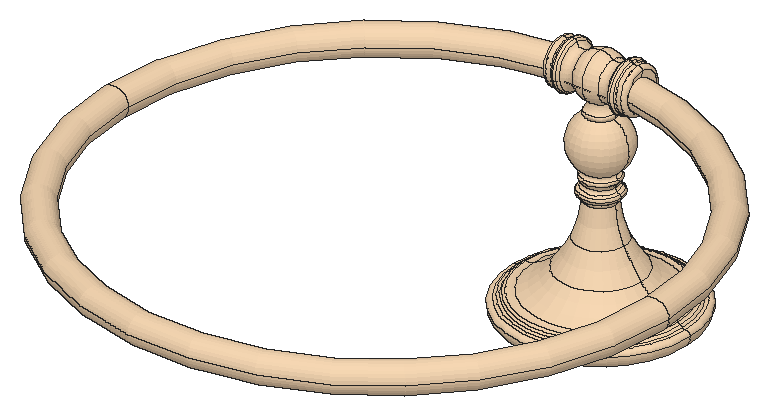
Revit family "Accessory-Towel_Ring-KOHLER-Decorative-K-26526_1", category Specialty Equipment, host Face, Revit 2021
Family settings
  Host = Face
  Round Connector Dimension = Use Diameter
  Part Type = Normal
  OmniClass Number = 23.31.25.25
  OmniClass Title = Towel Bars
  Cut with Voids When Loaded = No
  Shared = No
  Room Calculation Point = No
Parameters (values of type "2MB-Vibrant Brushed Moderne Brass")
  Width = 3 81/256"  # constant formula
  WaterSense Certified = 1 = 0  # no
  URL = "https://www.us.kohler.com/us/"
  Type = 4
  Product Page URL = "http://www.us.kohler.com/us/catalog/productDetails.jsp?productId=26526"
  Product Name = "Decorative"  # constant formula
  Product Documentation Link = "https://www.us.kohler.com/webassets/kpna/catalog/pdf/en/K-26526_spec_US-CA_Kohler_en.pdf"
  Model = if(Type = 1, "K-26526-2BZ", if(Type = 2, "K-26526-BN", if(Type = 3, "K-26526-CP", if(Type = 4, "K-26526-2MB", "NA"))))  # "K-26526-2MB"
  Material = "Premium Metal Construction"  # constant formula
  Master Format 2014 Name = "Toilet, Bath, and Laundry Accessories"  # constant formula
  Master Format 2014 = "10 28 00"  # constant formula
  Manufacturer Address = "444 Highland Dr, Kohler, WI 53044"  # constant formula
  Manufacturer = "Kohler Co."  # constant formula
  Length = 7 221/256"  # constant formula
  Height = 8 117/128"  # constant formula
  Finish = Kohler-Metal-2MB-Vibrant_Brushed_Moderne_Brass
  Environmental Product Declaration = ""
  Description = "Towel ring"  # constant formula
  Default Elevation = 42"
  Declare Label = ""
  Date Modified = "11/23/2022"  # constant formula
  Date Created = "11/23/2022"  # constant formula
  Copyright = "Copyright Kohler Co."  # constant formula
  Contact Us = "https://www.us.kohler.com/us/static/contact.jsp"
  Assembly Code = "C1030200"
  ADA Compliant = 1 = 0  # no
Types (5): name | Type | Model | Finish
  (no name) | 4 | "K-26526-2MB" | Kohler-Metal-2MB-Vibrant_Brushed_Moderne_Brass
  2BZ-Oil Rubbed Bronze | 1 | "K-26526-2BZ" | Kohler-Metal-2BZ-Oil_Rubbed_Bronze
  BN-Vibrant Brushed Nickel | 2 | "K-26526-BN" | Kohler-Metal-BN-Vibrant_Brushed_Nickel
  CP-Polished Chrome | 3 | "K-26526-CP" | Kohler-Metal-CP-Polished_Chrome
  2MB-Vibrant Brushed Moderne Brass | 4 | "K-26526-2MB" | Kohler-Metal-2MB-Vibrant_Brushed_Moderne_Brass
Reference planes (in)
  plane 1 "Center (Front/Back)": y = 0
  plane 2: z = 0
  plane 3 "Center (Left/Right)": x = 0
  plane 4: z = 2.98531
  plane 5: y = -7.67162
  plane 6: y = 1.24244
  plane 7: y = -1.24063
  plane 8: y = -3.73619
  plane 9: x = -3.93222
  plane 10: x = 3.93106
  plane 11: x = -1.23597
  plane 12: x = 1.23597
  plane 13: z = 3.18295
  plane 14: z = 2.78967
  plane 15: z = 3.31641
Dimensions and locks (in)
  "Length": plane 9 to plane 10
  "Height": plane 5 to plane 6
  plane 5 to plane 6 = 8 117/128"
  "Width": plane 15 to level
  aligned and locked: plane 2 to host face
  aligned and locked: level to host face
  aligned and locked: plane 3 "Center (Left/Right)" to nested 1
  aligned and locked: plane 1 "Center (Front/Back)" to nested 1
Automatic sketch dimensions
  host sketch curve to host sketch curve = 96"  (x2)
Nested families (in)
  nested 1: "K-26526" at (0, 0, 0), type "K-26526"
Definition of nested family "K-26526"
  Parameters (values of type "K-26526")
    Material = none
    Default Elevation = 0"
  Reference planes (in)
    plane 1 "Center (Front/Back)": y = 0
    plane 2: z = 0
    plane 3 "Center (Left/Right)": x = 0
    plane 4: y = -7.67162
    plane 5: y = -3.73619
    plane 6: z = 3.31606
    plane 7: y = -16.585
    plane 8: y = 1.24633
    plane 9: z = 2.98531
    plane 10: x = 1.23597
    plane 11: z = 2.98631
    plane 12: x = -3.93304
    plane 13: x = -1.23597
    plane 14: y = -1.23623
    plane 15: x = 3.93304
    plane 16: z = 3.18295
    plane 17: z = 2.78967
  Forms (in)
    Revolve 1, solid, material <- "Material", detail levels medium+fine
      sketch origin (0, 0, 0) x (1, 0, 0) y (0, 0, 1)
        loop
          line (0, 2.73916) -> (-0.15729, 2.73916)
          arc (-0.15729, 2.73916) -> (-0.14623, 2.64874) -> (-0.19132, 2.56958) r 0.14491
          arc (-0.19132, 2.56958) -> (-0.20245, 2.54289) -> (-0.18887, 2.51737) r 0.03378
          arc (-0.18887, 2.51737) -> (-0.39302, 2.19477) -> (-0.23051, 1.84931) r 0.39674
          arc (-0.23051, 1.84931) -> (-0.21296, 1.81141) -> (-0.23591, 1.77652) r 0.04294
          arc (-0.23591, 1.77652) -> (-0.24915, 1.76071) -> (-0.24732, 1.74017) r 0.02694
          arc (-0.24732, 1.74017) -> (-0.22965, 1.7084) -> (-0.21032, 1.67761) r 0.69072
          arc (-0.21032, 1.67761) -> (-0.20635, 1.64461) -> (-0.23051, 1.62179) r 0.03692
          arc (-0.23051, 1.62179) -> (-0.25066, 1.61274) -> (-0.26776, 1.59874) r 0.08394
          arc (-0.26776, 1.59874) -> (-0.27814, 1.58066) -> (-0.27933, 1.55985) r 0.04539
          arc (-0.27933, 1.55985) -> (-0.26383, 1.53296) -> (-0.23467, 1.52232) r 0.04539
          arc (-0.23467, 1.52232) -> (-0.21983, 1.51463) -> (-0.2175, 1.49808) r 0.01821
          arc (-0.2175, 1.49808) -> (-0.21766, 1.47672) -> (-0.20469, 1.45975) r 0.03295
          arc (-0.20469, 1.45975) -> (-0.2449, 1.21889) -> (-0.32485, 0.98816) r 1.45419
          arc (-0.32485, 0.98816) -> (-0.4264, 0.79661) -> (-0.55365, 0.62108) r 1.55245
          arc (-0.55365, 0.62108) -> (-0.726, 0.45862) -> (-0.93149, 0.34084) r 1.0081
          arc (-0.93149, 0.34084) -> (-0.9831, 0.32519) -> (-1.03687, 0.32098) r 0.24971
          arc (-1.03687, 0.32098) -> (-1.05621, 0.31532) -> (-1.06852, 0.29936) r 0.03256
          arc (-1.06852, 0.29936) -> (-1.07865, 0.28503) -> (-1.09477, 0.27808) r 0.03245
          arc (-1.09477, 0.27808) -> (-1.11487, 0.27063) -> (-1.12985, 0.2553) r 0.04887
          arc (-1.12985, 0.2553) -> (-1.14489, 0.24194) -> (-1.16479, 0.23908) r 0.03495
          arc (-1.16479, 0.23908) -> (-1.21448, 0.22472) -> (-1.23597, 0.17767) r 0.06197
          arc (-1.23597, 0.17767) -> (-1.18371, 0.05209) -> (-1.05802, 0.0001) r 0.17795
          line (-1.05802, 0.0001) -> (0, 0.0001) -> (0, 2.73916)
        axis (0, 2.73916) -> (0, 0.0001)
      angle from 0 to 360
    Revolve 2, solid, material <- "Material"
      sketch origin (0, 0, 0) x (1, 0, 0) y (0, 0, 1)
        loop
          line (0.45229, 2.68246) -> (0.52077, 2.68246)
          arc (0.52077, 2.68246) -> (0.55899, 2.6983) -> (0.57482, 2.73652) r 0.05405
          line (0.57482, 2.73652) -> (0.57482, 2.98531) -> (-0.57482, 2.98531) -> (-0.57482, 2.73652)
          arc (-0.57482, 2.73652) -> (-0.55899, 2.6983) -> (-0.52077, 2.68246) r 0.05405
          line (-0.52077, 2.68246) -> (-0.45229, 2.68246)
          arc (-0.45229, 2.68246) -> (-0.43617, 2.67882) -> (-0.42319, 2.6686) r 0.03748
          arc (-0.42319, 2.6686) -> (-0.41087, 2.65906) -> (-0.39559, 2.65597) r 0.03421
          arc (-0.39559, 2.65597) -> (-0.37834, 2.65796) -> (-0.36166, 2.66282) r 0.10278
          arc (-0.36166, 2.66282) -> (-0.34753, 2.6716) -> (-0.33758, 2.68494) r 0.04471
          arc (-0.33758, 2.68494) -> (-0.26884, 2.74149) -> (-0.1811, 2.72649) r 0.10703
          arc (-0.1811, 2.72649) -> (-0.09476, 2.6848) -> (0, 2.67015) r 0.32454
          arc (0, 2.67015) -> (0.09277, 2.68362) -> (0.17747, 2.72378) r 0.31516
          arc (0.17747, 2.72378) -> (0.26683, 2.73944) -> (0.33829, 2.68355) r 0.1116
          arc (0.33829, 2.68355) -> (0.34811, 2.67108) -> (0.36166, 2.66282) r 0.04471
          arc (0.36166, 2.66282) -> (0.37834, 2.65796) -> (0.39559, 2.65597) r 0.10278
          arc (0.39559, 2.65597) -> (0.41087, 2.65906) -> (0.42319, 2.6686) r 0.03421
          arc (0.42319, 2.6686) -> (0.43617, 2.67882) -> (0.45229, 2.68246) r 0.03748
        axis (0.57482, 2.98531) -> (-0.57482, 2.98531)
      angle from 0 to 360
    Sweep 3, solid, material <- "Material", detail levels medium+fine
      path origin (0, 0, 0) x (1, 0, 0) y (0, 1, 0)
        loop
          circle (0, -3.73619) r 3.74014
      profile origin (0, 0.00396, 0) x (0, -1, 0) y (0, 0, 1)
        loop
          circle (0.00396, 2.98631) r 0.19685
    Revolve 4, solid, material <- "Material", detail levels coarse
      sketch origin (0, 0, 0) x (1, 0, 0) y (0, 0, 1)
        loop
          line (-0.39603, 1.0918) -> (-1.23597, 1.0918) -> (-1.23597, 0) -> (0, 0) -> (0, 2.86345) -> (-0.39603, 2.86345) -> (-0.39603, 1.0918)
        axis (0, 2.86345) -> (0, 0)
      angle from 0 to 360
    Revolve 5, solid, material <- "Material", detail levels coarse
      sketch origin (0, 0, 0) x (1, 0, 0) y (0, 0, 1)
        loop
          line (0, 3.41223) -> (-0.69076, 3.41223) -> (-0.69076, 2.59261) -> (0, 2.59261) -> (0, 3.41223)
        axis (0, 3.41223) -> (0, 2.59261)
      angle from 0 to 360
    Sweep 6, solid, material <- "Material", detail levels coarse
      path origin (0, 0, 0) x (1, 0, 0) y (0, 1, 0)
        loop
          circle (0, -3.73619) r 3.74061
      profile origin (0, 0.00443, 0) x (0, -1, 0) y (0, 0, 1)
        loop
          circle (0.00443, 2.98967) r 0.31496
  Lines and regions (in)
    Masking region 1
      outline origin (0, 0, 0) x (1, 0, 0) y (0, 0, 1)
        loop
          arc (1.05514, 0) -> (1.12825, 0.02069) -> (1.18864, 0.06681) r 0.20308
          arc (1.18864, 0.06681) -> (1.2125, 0.09949) -> (1.22941, 0.13626) r 0.20308
          arc (1.22941, 0.13626) -> (1.23449, 0.15668) -> (1.23597, 0.17767) r 0.12099
          arc (1.23597, 0.17767) -> (1.23088, 0.20164) -> (1.21717, 0.22195) r 0.06413
          arc (1.21717, 0.22195) -> (1.20231, 0.23285) -> (1.18487, 0.23881) r 0.06088
          arc (1.18487, 0.23881) -> (1.15894, 0.23974) -> (1.13487, 0.24944) r 0.07516
          arc (1.13487, 0.24944) -> (1.11779, 0.26852) -> (1.09312, 0.2754) r 0.04568
          arc (1.09312, 0.2754) -> (1.07516, 0.28898) -> (1.06617, 0.30963) r 0.0444
          arc (1.06617, 0.30963) -> (1.05123, 0.3194) -> (1.03344, 0.3209) r 0.03646
          arc (1.03344, 0.3209) -> (0.93617, 0.33939) -> (0.84519, 0.37845) r 0.4556
          arc (0.84519, 0.37845) -> (0.72741, 0.45155) -> (0.62468, 0.54461) r 0.76868
          arc (0.62468, 0.54461) -> (0.51142, 0.67256) -> (0.41467, 0.81341) r 1.39239
          arc (0.41467, 0.81341) -> (0.34507, 0.9417) -> (0.28683, 1.07554) r 1.68517
          arc (0.28683, 1.07554) -> (0.23163, 1.26133) -> (0.20609, 1.45346) r 1.23827
          arc (0.20609, 1.45346) -> (0.21798, 1.48054) -> (0.2171, 1.5101) r 0.0673
          arc (0.2171, 1.5101) -> (0.24919, 1.52535) -> (0.2745, 1.55029) r 0.10672
          arc (0.2745, 1.55029) -> (0.27638, 1.58751) -> (0.24318, 1.60443) r 0.03427
          arc (0.24318, 1.60443) -> (0.23437, 1.61997) -> (0.21675, 1.62294) r 0.0208
          arc (0.21675, 1.62294) -> (0.2035, 1.64924) -> (0.21123, 1.67766) r 0.04111
          arc (0.21123, 1.67766) -> (0.23098, 1.70794) -> (0.24732, 1.74017) r 0.33296
          arc (0.24732, 1.74017) -> (0.25221, 1.76106) -> (0.23504, 1.77392) r 0.0196
          arc (0.23504, 1.77392) -> (0.21738, 1.79633) -> (0.21254, 1.82444) r 0.058
          arc (0.21254, 1.82444) -> (0.39614, 2.1774) -> (0.18961, 2.51745) r 0.40551
          arc (0.18961, 2.51745) -> (0.20186, 2.5513) -> (0.1769, 2.57725) r 0.03408
          arc (0.1769, 2.57725) -> (0.15615, 2.62396) -> (0.15076, 2.67479) r 0.16429
          arc (0.15076, 2.67479) -> (0.17628, 2.72654) -> (0.23144, 2.74345) r 0.07278
          arc (0.23144, 2.74345) -> (0.25949, 2.74057) -> (0.28629, 2.73178) r 0.13163
          arc (0.28629, 2.73178) -> (0.31882, 2.71687) -> (0.33705, 2.68608) r 0.05995
          arc (0.33705, 2.68608) -> (0.35189, 2.66903) -> (0.37203, 2.65875) r 0.05948
          arc (0.37203, 2.65875) -> (0.38879, 2.65585) -> (0.40571, 2.65752) r 0.06321
          arc (0.40571, 2.65752) -> (0.42122, 2.66614) -> (0.42817, 2.68246) r 0.02735
          line (0.42817, 2.68246) -> (0.5262, 2.68246)
          arc (0.5262, 2.68246) -> (0.55645, 2.69905) -> (0.57487, 2.72822) r 0.06889
          line (0.57487, 2.72822) -> (0.57487, 2.78967) -> (3.73635, 2.78967)
          arc (3.73635, 2.78967) -> (3.93299, 2.98631) -> (3.73635, 3.18295) r 0.19664
          line (3.73635, 3.18295) -> (0.57435, 3.18295) -> (0.57435, 3.24261)
          arc (0.57435, 3.24261) -> (0.56469, 3.26515) -> (0.54681, 3.28194) r 0.05992
          arc (0.54681, 3.28194) -> (0.52036, 3.28963) -> (0.49281, 3.28953) r 0.09653
          line (0.49281, 3.28953) -> (0.42817, 3.28953)
          arc (0.42817, 3.28953) -> (0.42005, 3.30615) -> (0.40443, 3.31606) r 0.03397
          arc (0.40443, 3.31606) -> (0.37654, 3.31389) -> (0.35077, 3.30301) r 0.08724
          arc (0.35077, 3.30301) -> (0.33833, 3.29075) -> (0.3322, 3.2744) r 0.04054
          arc (0.3322, 3.2744) -> (0.30585, 3.24895) -> (0.27142, 3.23642) r 0.08803
          arc (0.27142, 3.23642) -> (0.22648, 3.22713) -> (0.18327, 3.24259) r 0.0849
          arc (0.18327, 3.24259) -> (0.09618, 3.28595) -> (0, 3.30064) r 0.31477
          arc (0, 3.30064) -> (-0.09618, 3.28595) -> (-0.18327, 3.24259) r 0.31477
          arc (-0.18327, 3.24259) -> (-0.22648, 3.22713) -> (-0.27142, 3.23642) r 0.0849
          arc (-0.27142, 3.23642) -> (-0.30585, 3.24895) -> (-0.3322, 3.2744) r 0.08803
          arc (-0.3322, 3.2744) -> (-0.33833, 3.29075) -> (-0.35077, 3.30301) r 0.04054
          arc (-0.35077, 3.30301) -> (-0.37654, 3.31389) -> (-0.40443, 3.31606) r 0.08724
          arc (-0.40443, 3.31606) -> (-0.42005, 3.30615) -> (-0.42817, 3.28953) r 0.03397
          line (-0.42817, 3.28953) -> (-0.49281, 3.28953)
          arc (-0.49281, 3.28953) -> (-0.52036, 3.28963) -> (-0.54681, 3.28194) r 0.09653
          arc (-0.54681, 3.28194) -> (-0.56469, 3.26515) -> (-0.57435, 3.24261) r 0.05992
          line (-0.57435, 3.24261) -> (-0.57435, 3.18295) -> (-3.73635, 3.18295)
          arc (-3.73635, 3.18295) -> (-3.93299, 2.98631) -> (-3.73635, 2.78967) r 0.19664
          line (-3.73635, 2.78967) -> (-0.57487, 2.78967) -> (-0.57487, 2.72822)
          arc (-0.57487, 2.72822) -> (-0.54266, 2.68899) -> (-0.49233, 2.68246) r 0.06889
          line (-0.49233, 2.68246) -> (-0.42817, 2.68246)
          arc (-0.42817, 2.68246) -> (-0.42122, 2.66614) -> (-0.40571, 2.65752) r 0.02735
          arc (-0.40571, 2.65752) -> (-0.38879, 2.65585) -> (-0.37203, 2.65875) r 0.06321
          arc (-0.37203, 2.65875) -> (-0.34541, 2.67491) -> (-0.33061, 2.70231) r 0.05948
          arc (-0.33061, 2.70231) -> (-0.3119, 2.72224) -> (-0.28629, 2.73178) r 0.05995
          arc (-0.28629, 2.73178) -> (-0.24128, 2.74313) -> (-0.19513, 2.73816) r 0.13163
          arc (-0.19513, 2.73816) -> (-0.16383, 2.71286) -> (-0.15076, 2.67479) r 0.07278
          arc (-0.15076, 2.67479) -> (-0.15615, 2.62396) -> (-0.1769, 2.57725) r 0.16429
          arc (-0.1769, 2.57725) -> (-0.20186, 2.5513) -> (-0.18961, 2.51745) r 0.03408
          arc (-0.18961, 2.51745) -> (-0.39614, 2.1774) -> (-0.21254, 1.82444) r 0.40551
          arc (-0.21254, 1.82444) -> (-0.21738, 1.79633) -> (-0.23504, 1.77392) r 0.058
          arc (-0.23504, 1.77392) -> (-0.24796, 1.75951) -> (-0.24732, 1.74017) r 0.02596
          arc (-0.24732, 1.74017) -> (-0.23098, 1.70794) -> (-0.21123, 1.67766) r 0.33296
          arc (-0.21123, 1.67766) -> (-0.2035, 1.64924) -> (-0.21675, 1.62294) r 0.04111
          arc (-0.21675, 1.62294) -> (-0.23437, 1.61997) -> (-0.24318, 1.60443) r 0.0208
          arc (-0.24318, 1.60443) -> (-0.27638, 1.58751) -> (-0.2745, 1.55029) r 0.03427
          arc (-0.2745, 1.55029) -> (-0.24919, 1.52535) -> (-0.2171, 1.5101) r 0.10672
          arc (-0.2171, 1.5101) -> (-0.21798, 1.48054) -> (-0.20609, 1.45346) r 0.0673
          arc (-0.20609, 1.45346) -> (-0.23163, 1.26133) -> (-0.28683, 1.07554) r 1.23827
          arc (-0.28683, 1.07554) -> (-0.34507, 0.9417) -> (-0.41467, 0.81341) r 1.68517
          arc (-0.41467, 0.81341) -> (-0.51142, 0.67256) -> (-0.62468, 0.54461) r 1.39239
          arc (-0.62468, 0.54461) -> (-0.72741, 0.45155) -> (-0.84519, 0.37845) r 0.76868
          arc (-0.84519, 0.37845) -> (-0.93617, 0.33939) -> (-1.03344, 0.3209) r 0.4556
          arc (-1.03344, 0.3209) -> (-1.05123, 0.3194) -> (-1.06617, 0.30963) r 0.03646
          arc (-1.06617, 0.30963) -> (-1.07516, 0.28898) -> (-1.09312, 0.2754) r 0.0444
          arc (-1.09312, 0.2754) -> (-1.11779, 0.26852) -> (-1.13487, 0.24944) r 0.04568
          arc (-1.13487, 0.24944) -> (-1.15894, 0.23974) -> (-1.18487, 0.23881) r 0.07516
          arc (-1.18487, 0.23881) -> (-1.20231, 0.23285) -> (-1.21717, 0.22195) r 0.06088
          arc (-1.21717, 0.22195) -> (-1.23088, 0.20164) -> (-1.23597, 0.17767) r 0.06413
          arc (-1.23597, 0.17767) -> (-1.23449, 0.15668) -> (-1.22941, 0.13626) r 0.12099
          arc (-1.22941, 0.13626) -> (-1.21119, 0.0973) -> (-1.18518, 0.06304) r 0.20308
          arc (-1.18518, 0.06304) -> (-1.12596, 0.01956) -> (-1.05514, 0) r 0.20308
          line (-1.05514, 0) -> (1.05514, 0)
    Masking region 2
      outline origin (0, 0, 0) x (1, 0, 0) y (0, 1, 0)
        loop
          arc (-1.23898, 0.00149) -> (-3.88533, -4.3624) -> (0, -7.67162) r 3.93676
          arc (0, -7.67162) -> (3.88723, -4.36253) -> (1.23874, 0.00166) r 3.93645
          arc (1.23874, 0.00166) -> (-0.00021, 1.24653) -> (-1.23898, 0.00149) r 1.23888
        loop
          arc (-1.17664, -0.39576) -> (0.00224, -7.27616) -> (1.17665, -0.395) r 3.541
          arc (1.17665, -0.395) -> (0.00028, -1.24653) -> (-1.17664, -0.39576) r 1.23888
    Masking region 3
      outline origin (0, 0, 0) x (0, 1, 0) y (0, 0, 1)
        loop
          line (-7.4723, 2.78967) -> (-0.26473, 2.78967)
          arc (-0.26473, 2.78967) -> (-0.21077, 2.73269) -> (-0.14487, 2.69007) r 0.3298
          arc (-0.14487, 2.69007) -> (-0.15611, 2.61874) -> (-0.20254, 2.56342) r 0.1349
          arc (-0.20254, 2.56342) -> (-0.21198, 2.53506) -> (-0.18727, 2.51825) r 0.02477
          arc (-0.18727, 2.51825) -> (-0.39221, 2.19505) -> (-0.22841, 1.84919) r 0.39643
          arc (-0.22841, 1.84919) -> (-0.2115, 1.81542) -> (-0.22961, 1.78228) r 0.04073
          arc (-0.22961, 1.78228) -> (-0.24589, 1.75876) -> (-0.2417, 1.73047) r 0.0389
          line (-0.2417, 1.73047) -> (-0.211, 1.6773)
          arc (-0.211, 1.6773) -> (-0.20966, 1.63923) -> (-0.24044, 1.61679) r 0.04061
          arc (-0.24044, 1.61679) -> (-0.25943, 1.60896) -> (-0.27233, 1.59298) r 0.0415
          arc (-0.27233, 1.59298) -> (-0.27757, 1.57726) -> (-0.27934, 1.56078) r 0.07737
          arc (-0.27934, 1.56078) -> (-0.26733, 1.53342) -> (-0.23906, 1.52376) r 0.03715
          arc (-0.23906, 1.52376) -> (-0.22201, 1.51659) -> (-0.21821, 1.49849) r 0.01991
          arc (-0.21821, 1.49849) -> (-0.21757, 1.47698) -> (-0.20469, 1.45975) r 0.03573
          arc (-0.20469, 1.45975) -> (-0.39604, 0.83972) -> (-0.85366, 0.37968) r 1.35541
          arc (-0.85366, 0.37968) -> (-0.94598, 0.3379) -> (-1.04563, 0.31953) r 0.41864
          arc (-1.04563, 0.31953) -> (-1.05897, 0.31208) -> (-1.06771, 0.29955) r 0.03404
          arc (-1.06771, 0.29955) -> (-1.07831, 0.28544) -> (-1.09454, 0.2785) r 0.03415
          arc (-1.09454, 0.2785) -> (-1.11581, 0.27071) -> (-1.1321, 0.25497) r 0.05471
          arc (-1.1321, 0.25497) -> (-1.15021, 0.24037) -> (-1.17338, 0.23846) r 0.03959
          arc (-1.17338, 0.23846) -> (-1.19743, 0.23765) -> (-1.21818, 0.22546) r 0.04882
          arc (-1.21818, 0.22546) -> (-1.23318, 0.20164) -> (-1.23613, 0.17365) r 0.06214
          arc (-1.23613, 0.17365) -> (-1.2321, 0.14775) -> (-1.2265, 0.12216) r 0.42701
          arc (-1.2265, 0.12216) -> (-1.16917, 0.03415) -> (-1.06984, 0) r 0.16153
          line (-1.06984, 0) -> (-0.02213, 0) -> (1.06984, 0)
          arc (1.06984, 0) -> (1.16917, 0.03415) -> (1.2265, 0.12216) r 0.16153
          arc (1.2265, 0.12216) -> (1.2321, 0.14775) -> (1.23613, 0.17365) r 0.42701
          arc (1.23613, 0.17365) -> (1.23318, 0.20164) -> (1.21818, 0.22546) r 0.06214
          arc (1.21818, 0.22546) -> (1.19743, 0.23765) -> (1.17338, 0.23846) r 0.04882
          arc (1.17338, 0.23846) -> (1.15021, 0.24037) -> (1.1321, 0.25497) r 0.03959
          arc (1.1321, 0.25497) -> (1.11581, 0.27071) -> (1.09454, 0.2785) r 0.05471
          arc (1.09454, 0.2785) -> (1.07831, 0.28544) -> (1.06771, 0.29955) r 0.03415
          arc (1.06771, 0.29955) -> (1.05897, 0.31208) -> (1.04563, 0.31953) r 0.03404
          arc (1.04563, 0.31953) -> (0.94598, 0.3379) -> (0.85366, 0.37968) r 0.41864
          arc (0.85366, 0.37968) -> (0.39604, 0.83972) -> (0.20469, 1.45975) r 1.35541
          arc (0.20469, 1.45975) -> (0.21757, 1.47698) -> (0.21821, 1.49849) r 0.03573
          arc (0.21821, 1.49849) -> (0.22201, 1.51659) -> (0.23906, 1.52376) r 0.01991
          arc (0.23906, 1.52376) -> (0.26733, 1.53342) -> (0.27934, 1.56078) r 0.03715
          arc (0.27934, 1.56078) -> (0.27757, 1.57726) -> (0.27233, 1.59298) r 0.07737
          arc (0.27233, 1.59298) -> (0.25943, 1.60896) -> (0.24044, 1.61679) r 0.0415
          arc (0.24044, 1.61679) -> (0.20966, 1.63923) -> (0.211, 1.6773) r 0.04061
          line (0.211, 1.6773) -> (0.2417, 1.73047)
          arc (0.2417, 1.73047) -> (0.24589, 1.75876) -> (0.22961, 1.78228) r 0.0389
          arc (0.22961, 1.78228) -> (0.2115, 1.81542) -> (0.22841, 1.84919) r 0.04073
          arc (0.22841, 1.84919) -> (0.39221, 2.19505) -> (0.18727, 2.51825) r 0.39643
          arc (0.18727, 2.51825) -> (0.21198, 2.53506) -> (0.20254, 2.56342) r 0.02477
          arc (0.20254, 2.56342) -> (0.15611, 2.61874) -> (0.14487, 2.69007) r 0.1349
          arc (0.14487, 2.69007) -> (0.27976, 2.81171) -> (0.3298, 2.98631) r 0.3298
          arc (0.3298, 2.98631) -> (0.23319, 3.21948) -> (0, 3.31606) r 0.3298
          arc (0, 3.31606) -> (-0.14816, 3.28091) -> (-0.26473, 3.18295) r 0.3298
          line (-0.26473, 3.18295) -> (-7.475, 3.18295)
          arc (-7.475, 3.18295) -> (-7.67162, 2.98633) -> (-7.475, 2.7897) r 0.19662
    symbolic lines, detail levels medium+fine
      curve 1: line (-0.42813, 0, 3.28967) -> (-0.42813, 0, 2.68223)
      curve 2: line (-0.33296, 0, 3.27738) -> (-0.33296, 0, 2.69559)
      curve 3: line (1.16575, 0, 0.23881) -> (-1.16575, 0, 0.23881)
      curve 4: line (-1.09312, 0, 0.2754) -> (1.09312, 0, 0.2754)
      curve 5: line (-1.03344, 0, 0.3209) -> (1.03343, 0, 0.3209)
      curve 6: line (-0.20609, 0, 1.45346) -> (0.20609, 0, 1.45346)
      curve 7: line (-0.21711, 0, 1.51006) -> (0.21711, 0, 1.51006)
      curve 8: line (0.24318, 0, 1.60443) -> (-0.24318, 0, 1.60443)
      curve 9: line (-0.21123, 0, 1.67766) -> (0.21123, 0, 1.67766)
      curve 10: line (-0.21259, 0, 1.82346) -> (0.21259, 0, 1.82346)
      curve 11: line (-0.18961, 0, 2.51745) -> (0.18961, 0, 2.51745)
      curve 12: line (-0.1769, 0, 2.57725) -> (0.1769, 0, 2.57725)
      curve 13: arc (1.09389, 0.0468, 0) -> (0.00057, 1.09454, 0) -> (-1.093, 0.04706, 0) r 1.09445
      curve 14: arc (1.03142, 0.06442, 0) -> (0.00056, 1.0347, 0) -> (-1.03053, 0.06466, 0) r 1.03289
      curve 15: arc (-1.23848, 0.00166, 0) -> (-0.9103, 0.09544, 0) -> (-0.5752, 0.16028, 0) r 3.91441
      curve 16: line (-0.5752, -0.24325, 0) -> (-0.5752, 0.25807, 0)
      curve 17: arc (-0.5752, 0.25807, 0) -> (-0.54241, 0.29656, 0) -> (-0.49229, 0.30329, 0) r 0.07068
      curve 18: line (-0.49229, 0.30329, 0) -> (-0.42844, 0.30329, 0)
      curve 19: arc (-0.42844, 0.30329, 0) -> (-0.42063, 0.32213, 0) -> (-0.40178, 0.32994, 0) r 0.02666
      curve 20: arc (-0.40178, 0.32994, 0) -> (-0.38391, 0.33241, 0) -> (-0.36655, 0.32748, 0) r 0.04384
      curve 21: arc (-0.36655, 0.32748, 0) -> (-0.35319, 0.31884, 0) -> (-0.34158, 0.30797, 0) r 0.08905
      curve 22: arc (-0.34158, 0.30797, 0) -> (-0.33353, 0.29416, 0) -> (-0.3276, 0.27932, 0) r 0.10864
      curve 23: arc (-0.3276, 0.27932, 0) -> (-0.30772, 0.26148, 0) -> (-0.28264, 0.2523, 0) r 0.0706
      curve 24: arc (-0.28264, 0.2523, 0) -> (-0.25069, 0.24366, 0) -> (-0.21759, 0.24316, 0) r 0.13329
      curve 25: arc (-0.21759, 0.24316, 0) -> (-0.11601, 0.3029, 0) -> (0, 0.32365, 0) r 0.33404
      curve 26: arc (-0.5752, -0.24325, 0) -> (-0.57094, -0.26741, 0) -> (-0.55868, -0.28866, 0) r 0.07064
      curve 27: arc (-0.55868, -0.28866, 0) -> (-0.5264, -0.30092, 0) -> (-0.49202, -0.30405, 0) r 0.12726
      curve 28: line (-0.49202, -0.30405, 0) -> (-0.42764, -0.30405, 0)
      curve 29: arc (-0.42764, -0.30405, 0) -> (-0.42062, -0.32036, 0) -> (-0.40545, -0.32958, 0) r 0.02918
      curve 30: arc (-0.40545, -0.32958, 0) -> (-0.38823, -0.33365, 0) -> (-0.37101, -0.32958, 0) r 0.03842
      curve 31: arc (-0.37101, -0.32958, 0) -> (-0.35493, -0.3198, 0) -> (-0.34066, -0.30753, 0) r 0.11518
      curve 32: arc (-0.34066, -0.30753, 0) -> (-0.33454, -0.2925, 0) -> (-0.32696, -0.27814, 0) r 0.16399
      curve 33: arc (-0.32696, -0.27814, 0) -> (-0.30524, -0.26099, 0) -> (-0.27919, -0.25166, 0) r 0.08573
      curve 34: arc (-0.27919, -0.25166, 0) -> (-0.24895, -0.24341, 0) -> (-0.21762, -0.24231, 0) r 0.13604
      curve 35: arc (-0.21762, -0.24231, 0) -> (-0.1161, -0.3024, 0) -> (0, -0.32331, 0) r 0.33293
      curve 36: arc (0.5752, 0.25807, 0) -> (0.54241, 0.29656, 0) -> (0.49229, 0.30329, 0) r 0.07068
      curve 37: line (0.49229, 0.30329, 0) -> (0.42844, 0.30329, 0)
      curve 38: arc (0.42844, 0.30329, 0) -> (0.42063, 0.32213, 0) -> (0.40178, 0.32994, 0) r 0.02666
      curve 39: arc (0.40178, 0.32994, 0) -> (0.38391, 0.33241, 0) -> (0.36655, 0.32748, 0) r 0.04384
      curve 40: arc (0.36655, 0.32748, 0) -> (0.35319, 0.31884, 0) -> (0.34158, 0.30797, 0) r 0.08905
      curve 41: arc (0.34158, 0.30797, 0) -> (0.33353, 0.29416, 0) -> (0.3276, 0.27932, 0) r 0.10864
      curve 42: arc (0.3276, 0.27932, 0) -> (0.30772, 0.26148, 0) -> (0.28264, 0.2523, 0) r 0.0706
      curve 43: arc (0.28264, 0.2523, 0) -> (0.25069, 0.24366, 0) -> (0.21759, 0.24316, 0) r 0.13329
      curve 44: arc (0.21759, 0.24316, 0) -> (0.11601, 0.3029, 0) -> (0, 0.32365, 0) r 0.33404
      curve 45: arc (0.5752, -0.24249, 0) -> (0.57107, -0.26705, 0) -> (0.55868, -0.28866, 0) r 0.07064
      curve 46: arc (0.55868, -0.28866, 0) -> (0.5264, -0.30092, 0) -> (0.49202, -0.30405, 0) r 0.12726
      curve 47: line (0.49202, -0.30405, 0) -> (0.42764, -0.30405, 0)
      curve 48: arc (0.42764, -0.30405, 0) -> (0.42062, -0.32036, 0) -> (0.40545, -0.32958, 0) r 0.02918
      curve 49: arc (0.40545, -0.32958, 0) -> (0.38823, -0.33365, 0) -> (0.37101, -0.32958, 0) r 0.03842
      curve 50: arc (0.37101, -0.32958, 0) -> (0.35493, -0.3198, 0) -> (0.34066, -0.30753, 0) r 0.11518
      curve 51: arc (0.34066, -0.30753, 0) -> (0.33454, -0.2925, 0) -> (0.32696, -0.27814, 0) r 0.16399
      curve 52: arc (0.32696, -0.27814, 0) -> (0.30524, -0.26099, 0) -> (0.27919, -0.25166, 0) r 0.08573
      curve 53: arc (0.27919, -0.25166, 0) -> (0.24895, -0.24341, 0) -> (0.21762, -0.24231, 0) r 0.13604
      curve 54: arc (0.21762, -0.24231, 0) -> (0.1161, -0.3024, 0) -> (0, -0.32331, 0) r 0.33293
      curve 55: line (-0.42813, -0.30405, 0) -> (-0.42813, 0.30445, 0)
      curve 56: arc (1.23898, 0.00149, 0) -> (0.91056, 0.09538, 0) -> (0.5752, 0.16028, 0) r 3.91441
      curve 57: line (-0.33296, 0.29296, 0) -> (-0.33296, -0.2892, 0)
      curve 58: line (-0.22094, 0.24307, 0) -> (-0.22094, -0.24243, 0)
      curve 59: arc (-0.29857, 0.25684, 0) -> (0.00022, 0.40221, 0) -> (0.29911, 0.25708, 0) r 0.38004
      curve 60: arc (-0.29809, -0.25745, 0) -> (0.00021, -0.40221, 0) -> (0.29863, -0.25769, 0) r 0.38004
      curve 61: arc (-1.17152, -0.39469, 0) -> (-0.87685, -0.30494, 0) -> (-0.5752, -0.24249, 0) r 3.36615
      curve 62: arc (1.17152, -0.39469, 0) -> (0.87684, -0.30494, 0) -> (0.5752, -0.24249, 0) r 3.36615
      curve 63: line (-0.21876, 0, 3.22818) -> (-0.21876, 0, 2.74255)
      curve 64: line (0, 1.0347, 0.32066) -> (0, -1.0347, 0.32066)
      curve 65: line (0, 1.15236, 0.23981) -> (0, -1.15236, 0.23981)
      curve 66: line (0, 0.20469, 1.45975) -> (0, -0.20469, 1.45975)
      curve 67: line (0, 0.18872, 2.51737) -> (0, -0.18872, 2.51737)
      curve 68: line (-0.57435, 0, 3.18295) -> (-0.57435, 0, 2.78819)
      curve 69: line (0.42813, 0, 3.28967) -> (0.42813, 0, 2.68223)
      curve 70: line (0.33296, 0, 3.27738) -> (0.33296, 0, 2.69559)
      curve 71: line (0.21876, 0, 3.22818) -> (0.21876, 0, 2.74255)
      curve 72: line (0.57435, 0, 3.18295) -> (0.57435, 0, 2.78819)
      curve 73: line (0, 1.09454, 0.2785) -> (0, -1.09454, 0.2785)
      curve 74: line (0, 0.24044, 1.61679) -> (0, -0.24044, 1.61679)
      curve 75: line (0, 0.211, 1.6773) -> (0, -0.211, 1.6773)
      curve 76: line (0, 0.23906, 1.52376) -> (0, -0.23906, 1.52376)
      curve 77: line (0, 0.22841, 1.84919) -> (0, -0.22841, 1.84919)
      curve 78: line (0, 0.20254, 2.56342) -> (0, -0.20254, 2.56342)
      curve 79: line (0.5752, -0.24325, 0) -> (0.5752, 0.25807, 0)
      curve 80: line (0.42813, -0.30405, 0) -> (0.42813, 0.30445, 0)
      curve 81: line (0.33296, 0.29296, 0) -> (0.33296, -0.2892, 0)
      curve 82: line (0.22094, 0.24307, 0) -> (0.22094, -0.24243, 0)
      curve 83: arc (0, -0.24283, 2.78967) -> (0, 0.31247, 2.98631) -> (0, -0.24283, 3.18295) r 0.31247
      curve 84: line (0, -0.30916, 2.78967) -> (0, 0, 2.78967)
      curve 85: line (0, -0.34155, 3.18295) -> (0, 0, 3.18295)
      curve 86: arc (0, 0.14486, 2.69003) -> (0, 0, 2.65677) -> (0, -0.14486, 2.69003) r 0.33209
      curve 87: arc (0, 0, 3.18295) -> (0, 0.19664, 2.98631) -> (0, 0, 2.78967) r 0.19664
      curve 88: arc (-1.06485, -0.35878, 0) -> (0, -1.10914, 0) -> (1.06485, -0.35878, 0) r 1.13075
      curve 89: arc (1.13066, 0.0359, 0) -> (0, 1.15236, 0) -> (-1.13066, 0.0359, 0) r 1.13075
      curve 90: arc (1.03739, -0.35017, 0) -> (0.00031, -1.09454, 0) -> (-1.03659, -0.34993, 0) r 1.09445
      curve 91: arc (0.97889, -0.33269, 0) -> (0.00032, -1.0347, 0) -> (-0.97809, -0.33246, 0) r 1.03289
  Dimensions and locks (in)
    plane 6 to level = 3.31606"
    plane 8 to plane 7 = 17.83134"
    level to plane 6 = 3.31606"
    aligned and locked: plane 2 to level
